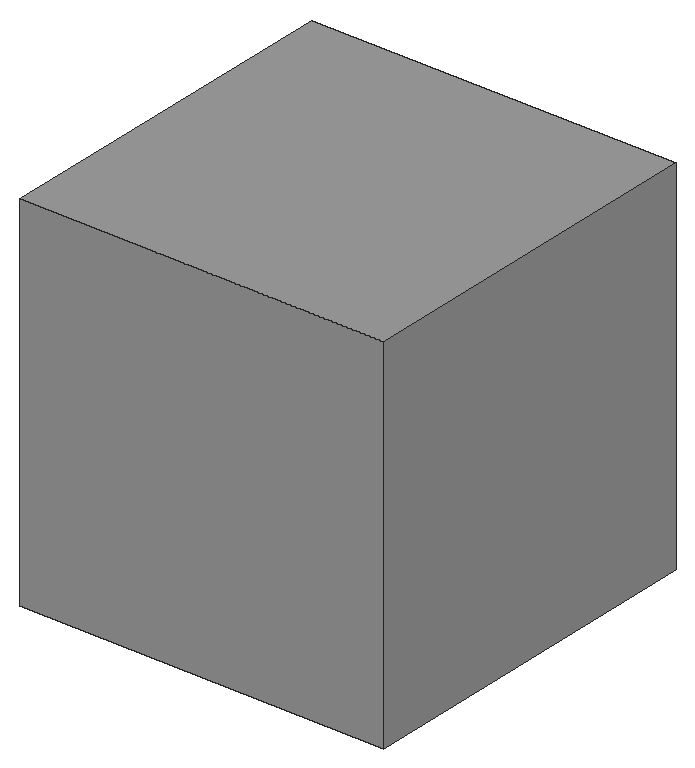
Revit family "Pull Box", category Electrical Fixtures, Revit 2021
Family settings
  Maintain Annotation Orientation = No
  Round Connector Dimension = Use Diameter
  Part Type = Normal
  OmniClass Number = 23.80.00.00
  OmniClass Title = Electric Power and Lighting
  Work Plane-Based = No
  Always vertical = Yes
  Cut with Voids When Loaded = No
  Shared = No
  Room Calculation Point = No
Parameters
  Width [instance] = 200 mm
  SubSquare [instance] = 200 mm
  Material Code [instance] = ""
  LargeSquare [instance] = 200 mm
  IsAutoCalculatePullBoxSize [instance] = ""
  Height [instance] = 200 mm
  Depth [instance] = 200 mm
  Default Elevation = 0 mm
Reference planes
  plane 1 "Center (Front/Back)": y = 0
  plane 2: z = 0
  plane 3 "Center (Left/Right)": x = 0
  plane 4: x = -100
  plane 5: x = 100
  plane 6: y = 100
  plane 7: y = -100
Forms (mm)
  Extrusion 1, solid, material "Default"
    sketch origin (0, 0, 0) x (1, 0, 0) y (0, 1, 0)
      loop
        line (-100, 100) -> (-100, -100) -> (100, -100) -> (100, 100) -> (-100, 100)
    from -100 to 100
Lines and regions (mm)
  model lines, style "Pull Box Line"
    curve 1: line (-100, 100, 100) -> (100, -100, 100)
    curve 2: line (100, 100, 100) -> (-100, -100, 100)
Dimensions and locks
  "Height": Extrusion 1 to Extrusion 1
  equal spacing: Extrusion 1, level, Extrusion 1
  equal spacing: plane 4, plane 3 "Center (Left/Right)", plane 5
  "Width": plane 4 to plane 5
  equal spacing: plane 7, plane 1 "Center (Front/Back)", plane 6
  "Depth": plane 7 to plane 6
  aligned and locked: level to plane 2
  aligned and locked: plane 6 to Extrusion 1 sketch curve
  aligned and locked: Extrusion 1 sketch curve to plane 7
  aligned and locked: Extrusion 1 sketch curve to plane 5
  aligned and locked: plane 4 to Extrusion 1 sketch curve
Automatic sketch dimensions
  curve 2 to plane 4 = 0 mm
  curve 1 to plane 4 = 0 mm
  curve 2 to plane 5 = 0 mm
  curve 1 to plane 5 = 0 mm
  plane 7 to curve 1 = 0 mm
  plane 7 to curve 2 = 0 mm
  plane 6 to curve 2 = 0 mm
  plane 6 to curve 1 = 0 mm
Connectors
  cabletrayconduit at (0, 0, 100), diameter 16
    settings: on Extrusion 1, index 1, connector width 300 mm, connector height 300 mm, connector angle 0.00°, system type 32, placement type 0, profile type 0, connector reference index -1, is primary connector yes, connector utility param no, connector description "Top"
  cabletrayconduit at (0, 100, 0), diameter 16
    settings: on Extrusion 1, index 2, connector width 300 mm, connector height 300 mm, connector angle 0.00°, system type 32, placement type 0, profile type 0, connector reference index -1, is primary connector no, connector utility param no, connector description "Back"
  cabletrayconduit at (0, -100, 0), diameter 16
    settings: on Extrusion 1, index 3, connector width 300 mm, connector height 300 mm, connector angle 0.00°, system type 32, placement type 0, profile type 0, connector reference index -1, is primary connector no, connector utility param no, connector description "Front"
  cabletrayconduit at (-100, 0, 0), diameter 16
    settings: on Extrusion 1, index 4, connector width 300 mm, connector height 300 mm, connector angle 0.00°, system type 32, placement type 0, profile type 0, connector reference index -1, is primary connector no, connector utility param no, connector description "Left"
  cabletrayconduit at (100, 0, 0), diameter 16
    settings: on Extrusion 1, index 5, connector width 300 mm, connector height 300 mm, connector angle 0.00°, system type 32, placement type 0, profile type 0, connector reference index -1, is primary connector no, connector utility param no, connector description "Right"
  cabletrayconduit at (0, 0, -100), diameter 16
    settings: on Extrusion 1, index 6, connector width 300 mm, connector height 300 mm, connector angle 0.00°, system type 32, placement type 0, profile type 0, connector reference index -1, is primary connector no, connector utility param no, connector description "Bottom"
